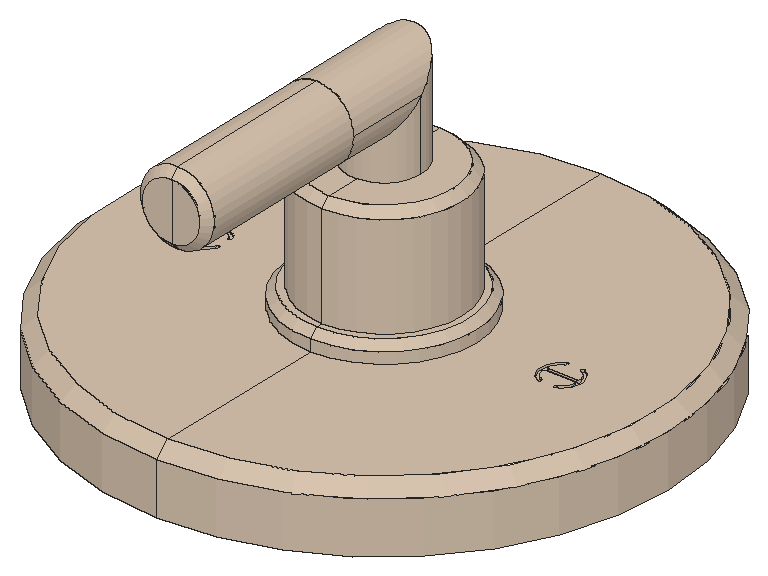
Revit family "Shower-Valve_Trim-KALLISTA-PINNA_PALETTA-P24922_1", category Specialty Equipment, host Face, Revit 2022
Family settings
  Host = Face
  Round Connector Dimension = Use Diameter
  Part Type = Normal
  OmniClass Number = 23.31.25.00
  Cut with Voids When Loaded = No
  Maintain Annotation Orientation = No
  Shared = No
  Room Calculation Point = No
Parameters (values of type "BAF, BAF-Brushed French Gold")
  Width = 6 1/16"  # constant formula
  WaterSense Certified = 1 = 0  # no
  URL = "https://www.kallista.com/"
  Type = 1
  Secondary Finish = Kallista-Metal-BAF-Brushed_French_Gold
  Product Page URL = "https://www.kallista.com/bathroom/showering/shower-trim/pinna-paletta-thermostatic-trim-lever-handle-by-laura-kirar-p24922-baf-baf"
  Product Name = "PINNA PALETTA"  # constant formula
  Product Documentation Link = "https://resources.kohler.com/interiors/kallista/pdf/1266038-4.pdf"
  Model = if(Type = 1, "P24922-BAF-BAF", if(Type = 2, "P24922-BAF-BN", if(Type = 3, "P24922-CPH-CP", if(Type = 4, "P24922-SNW-SN", if(Type = 5, "P24922-ULB-ULB", if(Type = 6, "P24922-BNW-BN", "NA"))))))  # "P24922-BAF-BAF"
  Material = "Solid Brass Construction"  # constant formula
  Master Format 2014 Name = "Toilet, Bath, and Laundry Accessories"  # constant formula
  Master Format 2014 = "10 28 00"  # constant formula
  Manufacturer Address = "444 Highland Dr, Kohler, WI 53044"  # constant formula
  Manufacturer = "Kallista Co."  # constant formula
  Length [instance] = 3 29/128"  # constant formula
  Height = 6 1/16"  # constant formula
  Finish = Kallista-Metal-BAF-Brushed_French_Gold
  Environmental Product Declaration = ""
  Description = "THERMOSTATIC TRIM, LEVER HANDLE"  # constant formula
  Default Elevation = 42"
  Declare Label = ""
  Date Modified = "11/24/2023"  # constant formula
  Date Created = "03/11/2022"  # constant formula
  Copyright = "Copyright Kallista Co."  # constant formula
  Contact Us = "https://www.kallista.com/corporate/contact-us/"
  Assembly Code = "C1030200"
  ADA Compliant = 1 = 1  # yes
Types (7): name | Type | Secondary Finish | Product Page URL | Model | Finish
  (no name) | 1 | Kallista-Metal-BAF-Brushed_French_Gold | "https://www.kallista.com/bathroom/showering/shower-trim/pinna-paletta-thermostatic-trim-lever-handle-by-laura-kirar-p24922-baf-baf" | "P24922-BAF-BAF" | Kallista-Metal-BAF-Brushed_French_Gold
  BAF, BAF-Brushed French Gold | 1 | Kallista-Metal-BAF-Brushed_French_Gold | "https://www.kallista.com/bathroom/showering/shower-trim/pinna-paletta-thermostatic-trim-lever-handle-by-laura-kirar-p24922-baf-baf" | "P24922-BAF-BAF" | Kallista-Metal-BAF-Brushed_French_Gold
  BAF, BN-Brushed Nickel | 2 | Kallista-Metal-BAF-Brushed_French_Gold | "" | "P24922-BAF-BN" | Kallista-Metal-BN-Brushed_Nickel
  CPH, CP-Chrome | 3 | Kallista-Metal-CPH-Polished_Chrome | "https://www.kallista.com/bathroom/showering/shower-trim/pinna-paletta-thermostatic-trim-lever-handle-by-laura-kirar-p24922-cph-cp" | "P24922-CPH-CP" | Kallista-Metal-CP-Chrome
  SNW, SN-Polished Nickel | 4 | Kallista-Metal-SNW-Polished_Nickel | "https://www.kallista.com/bathroom/showering/shower-trim/pinna-paletta-thermostatic-trim-lever-handle-by-laura-kirar-p24922-snw-sn" | "P24922-SNW-SN" | Kallista-Metal-SN-Polished_Nickel
  ULB, ULB-Unlaquered Brass | 5 | Kallista-Metal-ULB-Unlaquered_Brass | "https://www.kallista.com/bathroom/showering/shower-trim/pinna-paletta-thermostatic-trim-lever-handle-by-laura-kirar-p24922-ulb-ulb" | "P24922-ULB-ULB" | Kallista-Metal-ULB-Unlaquered_Brass
  BNW, BN-Brushed Nickel | 6 | Kallista-Metal-BNW-Brushed_Nickel | "" | "P24922-BNW-BN" | Kallista-Metal-BN-Brushed_Nickel
Reference planes (in)
  plane 1 "Center (Front/Back)": y = 0
  plane 2: z = 0
  plane 3 "Center (Left/Right)": x = 0
  plane 4: x = -3.0315
  plane 5: x = 3.031
  plane 6: y = 3.0315
  plane 7: y = -3.031
  plane 8: y = -0.98425
  plane 9: y = 0.98425
  plane 10: x = 0.98425
  plane 11: x = -0.98425
  plane 12: y = -2.83465
  plane 13: z = 3.22656
  plane 14: z = 0.68898
  plane 15: z = 2.83465
  plane 16: z = 2.44094
Dimensions and locks (in)
  "Width": plane 4 to plane 5
  "Height": plane 6 to plane 7
  "Length": plane 13 to level
  aligned and locked: plane 2 to host face
  aligned and locked: level to host face
Automatic sketch dimensions
  host sketch curve to host sketch curve = 96"  (x2)
Nested families (in)
  nested 1: "P24922" at (0, 0, 0), type "P24922"
Definition of nested family "P24922"
  Parameters
    Secondry Material = none
    Material = none
    Default Elevation = 0"
  Reference planes (in)
    plane 1 "Center (Front/Back)": y = 0
    plane 2: z = 0
    plane 3 "Center (Left/Right)": x = 0
    plane 4: y = 3.0315
    plane 5: x = -3.0315
    plane 6: y = -2.83465
    plane 7: z = 0.68898
    plane 8: y = 0.98425
    plane 9: y = -0.98425
    plane 10: x = -0.98425
    plane 11: x = 0.98425
    plane 12: x = 3.0315
    plane 13: y = -3.0315
    plane 14: z = 3.22835
    plane 15: z = 2.44094
    plane 16: z = 2.83465
  Forms (in)
    Revolve 1, solid, material <- "Material", detail levels medium+fine
      sketch origin (0, 0, 0) x (0, 1, 0) y (0, 0, 1)
        loop
          line (0, 2.10094) -> (0, 0) -> (3.0315, 0) -> (3.0315, 0.55243) -> (2.88259, 0.68898) -> (0.98425, 0.68898) -> (0.98425, 0.80748) -> (0.90418, 0.88755) -> (0.82677, 0.88755) -> (0.82677, 1.97775) -> (0.73587, 2.06865) -> (0.33049, 2.06865) -> (0.33049, 2.10094) -> (0, 2.10094)
        axis (0, 0) -> (0, 2.10094)
      angle from 0 to 360
    Sweep 2, solid, material <- "Material", detail levels medium+fine
      path origin (0, 0, 0) x (0, 1, 0) y (0, 0, 1)
        loop
          line (0, 2.08801) -> (0, 2.83465) -> (-0.89567, 2.83465)
      profile origin (0, 0, 2.46133) x (0, -1, 0) y (1, 0, 0)
        loop
          circle (0, 0) r 0.3937
    Revolve 3, solid, material <- "Secondry Material", detail levels medium+fine
      sketch origin (0, 0, 0) x (0, 1, 0) y (0, 0, 1)
        loop
          line (-0.89567, 3.22835) -> (-2.74818, 3.22835) -> (-2.83465, 3.14188) -> (-2.83465, 2.83465) -> (-0.89567, 2.83465) -> (-0.89567, 3.22835)
        axis (-2.83465, 2.83465) -> (-0.89567, 2.83465)
      angle from 0 to 360
    Extrusion 4, void
      sketch origin (0, 0, 0) x (1, 0, 0) y (0, 1, 0)
        loop
          arc (-1.72833, 0.07996) -> (-1.70055, 0.07084) -> (-1.69144, 0.09861) r 0.02067
          arc (-1.69144, 0.09861) -> (-2.10493, 0) -> (-1.69144, -0.09861) r 0.2185
          arc (-1.69144, -0.09861) -> (-1.70055, -0.07084) -> (-1.72833, -0.07996) r 0.02067
          arc (-1.72833, -0.07996) -> (-2.06359, 0) -> (-1.72833, 0.07996) r 0.17717
        loop
          arc (1.96472, 0.1581) -> (2.02248, 0.11146) -> (2.05606, 0.04525) r 0.17717
          arc (2.05606, 0.04525) -> (2.05262, 0.02821) -> (2.03702, 0.02053) r 0.01969
          line (2.03702, 0.02053) -> (1.73241, 0.02053)
          arc (1.73241, 0.02053) -> (1.71688, 0.02817) -> (1.71345, 0.04514) r 0.01961
          arc (1.71345, 0.04514) -> (1.74702, 0.11141) -> (1.80481, 0.1581) r 0.17717
          arc (1.80481, 0.1581) -> (1.81392, 0.18587) -> (1.78615, 0.19499) r 0.02067
          arc (1.78615, 0.19499) -> (1.66626, 0) -> (1.78615, -0.19499) r 0.2185
          arc (1.78615, -0.19499) -> (1.81392, -0.18587) -> (1.80481, -0.1581) r 0.02067
          arc (1.80481, -0.1581) -> (1.74705, -0.11146) -> (1.71348, -0.04525) r 0.17717
          arc (1.71348, -0.04525) -> (1.71691, -0.02821) -> (1.73251, -0.02053) r 0.01969
          line (1.73251, -0.02053) -> (2.03702, -0.02053)
          arc (2.03702, -0.02053) -> (2.05262, -0.02821) -> (2.05606, -0.04525) r 0.01969
          arc (2.05606, -0.04525) -> (2.02248, -0.11146) -> (1.96472, -0.1581) r 0.17717
          arc (1.96472, -0.1581) -> (1.95561, -0.18587) -> (1.98338, -0.19499) r 0.02067
          arc (1.98338, -0.19499) -> (2.10327, 0) -> (1.98338, 0.19499) r 0.2185
          arc (1.98338, 0.19499) -> (1.95561, 0.18587) -> (1.96472, 0.1581) r 0.02067
      from 0.66929 to 0.7874
    Revolve 5, solid, material <- "Material", detail levels coarse
      sketch origin (0, 0, 0) x (0, 1, 0) y (0, 0, 1)
        loop
          line (0, 2.06865) -> (0, 0) -> (3.0315, 0) -> (3.0315, 0.68898) -> (0.98425, 0.68898) -> (0.98425, 2.06865) -> (0, 2.06865)
        axis (0, 2.06865) -> (0, 0)
      angle from 0 to 360
    Sweep 6, solid, material <- "Material", detail levels coarse
      path origin (0, 0, 0) x (0, 1, 0) y (0, 0, 1)
        loop
          line (-0.89567, 2.83465) -> (0, 2.83465) -> (0, 2.06865)
      profile origin (0, 0, 2.45165) x (1, 0, 0) y (0, 1, 0)
        loop
          circle (0, 0) r 0.3937
    Extrusion 7, solid, material <- "Secondry Material", detail levels coarse
      sketch origin (0, 0, 0) x (1, 0, 0) y (0, 0, 1)
        loop
          circle (0, 2.83465) r 0.3937
      from 0.89567 to 2.83465
  Cuts and joins
    joined: Revolve 5, Sweep 6
    Extrusion 4 cuts Revolve 1
    joined: Revolve 1, Sweep 2
  Lines and regions (in)
    Masking region 1
      outline origin (0, 0, 0) x (0, 1, 0) y (0, 0, 1)
        loop
          line (3.0315, 0.55243) -> (2.89495, 0.68898) -> (0.98425, 0.68898) -> (0.98425, 0.80748) -> (0.90418, 0.88755) -> (0.82677, 0.88755) -> (0.82677, 1.97775) -> (0.73587, 2.06865) -> (0.33049, 2.06865) -> (0.29695, 2.08801) -> (0.3937, 2.08801) -> (0.3937, 3.11024)
          arc (0.3937, 3.11024) -> (0.35911, 3.19375) -> (0.27559, 3.22835) r 0.11811
          line (0.27559, 3.22835) -> (-2.74818, 3.22835) -> (-2.83465, 3.14188) -> (-2.83465, 2.52741) -> (-2.74818, 2.44094) -> (-0.51181, 2.44094)
          arc (-0.51181, 2.44094) -> (-0.42829, 2.40635) -> (-0.3937, 2.32283) r 0.11811
          line (-0.3937, 2.32283) -> (-0.3937, 2.08801) -> (-0.29695, 2.08801) -> (-0.33049, 2.06865) -> (-0.73587, 2.06865) -> (-0.82677, 1.97775) -> (-0.82677, 0.88755) -> (-0.90418, 0.88755) -> (-0.98425, 0.80748) -> (-0.98425, 0.68898) -> (-2.89495, 0.68898) -> (-3.0315, 0.55243) -> (-3.0315, 0) -> (3.0315, 0) -> (3.0315, 0.55243)
    Masking region 2
      outline origin (0, 0, 0) x (1, 0, 0) y (0, 1, 0)
        loop
          circle (0, 0) r 3.0315
    Masking region 3
      outline origin (0, 0, 0) x (1, 0, 0) y (0, 0, 1)
        loop
          line (3.0315, 0.55243) -> (2.89495, 0.68898) -> (0.98425, 0.68898) -> (0.98425, 0.80748) -> (0.90418, 0.88755) -> (0.82677, 0.88755) -> (0.82677, 1.97775) -> (0.73587, 2.06865) -> (0.33049, 2.06865) -> (0.29695, 2.08801) -> (0.3937, 2.08801) -> (0.3937, 2.83465)
          arc (0.3937, 2.83465) -> (0, 3.22835) -> (-0.3937, 2.83465) r 0.3937
          line (-0.3937, 2.83465) -> (-0.3937, 2.08801) -> (-0.29695, 2.08801) -> (-0.33049, 2.06865) -> (-0.73587, 2.06865) -> (-0.82677, 1.97775) -> (-0.82677, 0.88755) -> (-0.90418, 0.88755) -> (-0.98425, 0.80748) -> (-0.98425, 0.68898) -> (-2.89495, 0.68898) -> (-3.0315, 0.55243) -> (-3.0315, 0) -> (3.0315, 0) -> (3.0315, 0.55243)
    symbolic lines, detail levels medium+fine
      curve 1: line (0, 3.0315, 0.55243) -> (0, -3.0315, 0.55243)
      curve 2: line (0, 0.98425, 0.68898) -> (0, -0.98425, 0.68898)
      curve 3: line (0, 0.82677, 0.88755) -> (0, -0.82677, 0.88755)
      curve 4: line (0, -0.98425, 0.80748) -> (0, 0.98425, 0.80748)
      curve 5: line (0, 0.82677, 1.97775) -> (0, -0.82677, 1.97775)
      curve 6: line (0, 0.29695, 2.08801) -> (0, -0.29695, 2.08801)
      curve 7: line (0, -0.33049, 2.06865) -> (0, 0.33049, 2.06865)
      curve 8: line (0, -0.89567, 3.22835) -> (0, -0.89567, 2.44094)
      curve 9: line (0, -2.74818, 3.22835) -> (0, -2.74818, 2.44094)
      curve 10: line (0, -0.89567, 2.88026) -> (0, -0.94128, 2.83465)
      curve 11: line (0, -0.89567, 2.959) -> (0, -1.02002, 2.83465)
      curve 12: line (0, -0.89567, 3.03774) -> (0, -1.09876, 2.83465)
      curve 13: line (0, -0.89567, 3.11648) -> (0, -1.1775, 2.83465)
      curve 14: line (0, -0.89567, 3.19522) -> (0, -1.25624, 2.83465)
      curve 15: line (0, -0.94128, 3.22835) -> (0, -1.33498, 2.83465)
      curve 16: line (0, -1.02002, 3.22835) -> (0, -1.41372, 2.83465)
      curve 17: line (0, -1.09876, 3.22835) -> (0, -1.49246, 2.83465)
      curve 18: line (0, -1.1775, 3.22835) -> (0, -1.5712, 2.83465)
      curve 19: line (0, -1.25624, 3.22835) -> (0, -1.64994, 2.83465)
      curve 20: line (0, -1.33498, 3.22835) -> (0, -1.72868, 2.83465)
      curve 21: line (0, -1.41372, 3.22835) -> (0, -1.80742, 2.83465)
      curve 22: line (0, -1.49246, 3.22835) -> (0, -1.88616, 2.83465)
      curve 23: line (0, -1.5712, 3.22835) -> (0, -1.9649, 2.83465)
      curve 24: line (0, -1.64994, 3.22835) -> (0, -2.04365, 2.83465)
      curve 25: line (0, -1.72868, 3.22835) -> (0, -2.12239, 2.83465)
      curve 26: line (0, -1.80742, 3.22835) -> (0, -2.20113, 2.83465)
      curve 27: line (0, -1.88616, 3.22835) -> (0, -2.27987, 2.83465)
      curve 28: line (0, -1.9649, 3.22835) -> (0, -2.35861, 2.83465)
      curve 29: line (0, -2.04365, 3.22835) -> (0, -2.43735, 2.83465)
      curve 30: line (0, -2.12239, 3.22835) -> (0, -2.51609, 2.83465)
      curve 31: line (0, -2.20113, 3.22835) -> (0, -2.59483, 2.83465)
      curve 32: line (0, -2.27987, 3.22835) -> (0, -2.67357, 2.83465)
      curve 33: line (0, -2.35861, 3.22835) -> (0, -2.74818, 2.83877)
      curve 34: line (0, -2.43735, 3.22835) -> (0, -2.74818, 2.91751)
      curve 35: line (0, -2.51609, 3.22835) -> (0, -2.74818, 2.99625)
      curve 36: line (0, -2.59483, 3.22835) -> (0, -2.74818, 3.07499)
      curve 37: line (0, -2.67357, 3.22835) -> (0, -2.74818, 3.15373)
      curve 38: line (0, -0.89567, 2.78903) -> (0, -0.94128, 2.83465)
      curve 39: line (0, -0.89567, 2.71029) -> (0, -1.02002, 2.83465)
      curve 40: line (0, -0.89567, 2.63155) -> (0, -1.09876, 2.83465)
      curve 41: line (0, -0.89567, 2.55281) -> (0, -1.1775, 2.83465)
      curve 42: line (0, -0.89567, 2.47407) -> (0, -1.25624, 2.83465)
      curve 43: line (0, -0.94128, 2.44094) -> (0, -1.33498, 2.83465)
      curve 44: line (0, -1.02002, 2.44094) -> (0, -1.41372, 2.83465)
      curve 45: line (0, -1.09876, 2.44094) -> (0, -1.49246, 2.83465)
      curve 46: line (0, -1.1775, 2.44094) -> (0, -1.5712, 2.83465)
      curve 47: line (0, -1.25624, 2.44094) -> (0, -1.64994, 2.83465)
      curve 48: line (0, -1.33498, 2.44094) -> (0, -1.72868, 2.83465)
      curve 49: line (0, -1.41372, 2.44094) -> (0, -1.80742, 2.83465)
      curve 50: line (0, -1.49246, 2.44094) -> (0, -1.88616, 2.83465)
      curve 51: line (0, -1.5712, 2.44094) -> (0, -1.9649, 2.83465)
      curve 52: line (0, -1.64994, 2.44094) -> (0, -2.04365, 2.83465)
      curve 53: line (0, -1.72868, 2.44094) -> (0, -2.12239, 2.83465)
      curve 54: line (0, -1.80742, 2.44094) -> (0, -2.20113, 2.83465)
      curve 55: line (0, -1.88616, 2.44094) -> (0, -2.27987, 2.83465)
      curve 56: line (0, -1.9649, 2.44094) -> (0, -2.35861, 2.83465)
      curve 57: line (0, -2.04365, 2.44094) -> (0, -2.43735, 2.83465)
      curve 58: line (0, -2.12239, 2.44094) -> (0, -2.51609, 2.83465)
      curve 59: line (0, -2.20113, 2.44094) -> (0, -2.59483, 2.83465)
      curve 60: line (0, -2.27987, 2.44094) -> (0, -2.67357, 2.83465)
      curve 61: line (0, -2.35861, 2.44094) -> (0, -2.74818, 2.83052)
      curve 62: line (0, -2.43735, 2.44094) -> (0, -2.74818, 2.75178)
      curve 63: line (0, -2.51609, 2.44094) -> (0, -2.74818, 2.67304)
      curve 64: line (0, -2.59483, 2.44094) -> (0, -2.74818, 2.5943)
      curve 65: line (0, -2.67357, 2.44094) -> (0, -2.74818, 2.51556)
      curve 66: circle (0, 0, 0) r 2.88259 normal (0, 0, -1)
      curve 67: arc (0.3937, -0.90208, 0) -> (0, 0.98425, 0) -> (-0.3937, -0.90208, 0) r 0.98425
      curve 68: arc (-0.3937, -0.81397, 0) -> (0, 0.90418, 0) -> (0.3937, -0.81397, 0) r 0.90418
      curve 69: arc (0.3937, -0.72702, 0) -> (0, 0.82677, 0) -> (-0.3937, -0.72702, 0) r 0.82677
      curve 70: arc (-0.3937, -0.62169, 0) -> (0, 0.73587, 0) -> (0.3937, -0.62169, 0) r 0.73587
      curve 71: arc (-0.3937, 0, 0) -> (0, 0.3937, 0) -> (0.3937, 0, 0) r 0.3937
      curve 72: line (-0.30724, -2.83465, 0) -> (0.30724, -2.83465, 0)
      curve 73: line (0.3937, -2.74818, 0) -> (-0.3937, -2.74818, 0)
      curve 74: line (-0.3937, -2.74818, 0) -> (-0.30724, -2.83465, 0)
      curve 75: line (0.3937, -2.74818, 0) -> (0.30724, -2.83465, 0)
      curve 76: line (0.3937, -2.74818, 0) -> (0.3937, 0, 0)
      curve 77: line (-0.3937, -2.74818, 0) -> (-0.3937, 0, 0)
      curve 78: line (0.3937, -0.89567, 0) -> (-0.3937, -0.89567, 0)
      curve 79: arc (-1.72833, 0.07996, 0) -> (-2.06359, 0, 0) -> (-1.72833, -0.07996, 0) r 0.17717
      curve 80: arc (-1.72833, -0.07996, 0) -> (-1.70055, -0.07084, 0) -> (-1.69144, -0.09861, 0) r 0.02067
      curve 81: arc (-1.69144, -0.09861, 0) -> (-2.10493, 0, 0) -> (-1.69144, 0.09861, 0) r 0.2185
      curve 82: arc (-1.69144, 0.09861, 0) -> (-1.70055, 0.07084, 0) -> (-1.72833, 0.07996, 0) r 0.02067
      curve 83: line (1.73241, 0.02053, 0) -> (2.03702, 0.02053, 0)
      curve 84: arc (2.03702, 0.02053, 0) -> (2.05262, 0.02821, 0) -> (2.05606, 0.04525, 0) r 0.01969
      curve 85: arc (2.05606, 0.04525, 0) -> (2.02248, 0.11146, 0) -> (1.96472, 0.1581, 0) r 0.17717
      curve 86: arc (1.96472, 0.1581, 0) -> (1.95561, 0.18587, 0) -> (1.98338, 0.19499, 0) r 0.02067
      curve 87: arc (1.98338, 0.19499, 0) -> (2.10327, 0, 0) -> (1.98338, -0.19499, 0) r 0.2185
      curve 88: arc (1.98338, -0.19499, 0) -> (1.95561, -0.18587, 0) -> (1.96472, -0.1581, 0) r 0.02067
      curve 89: arc (1.96472, -0.1581, 0) -> (2.02248, -0.11146, 0) -> (2.05606, -0.04525, 0) r 0.17717
      curve 90: arc (2.05606, -0.04525, 0) -> (2.05262, -0.02821, 0) -> (2.03702, -0.02053, 0) r 0.01969
      curve 91: line (2.03702, -0.02053, 0) -> (1.73251, -0.02053, 0)
      curve 92: arc (1.73251, -0.02053, 0) -> (1.71691, -0.02821, 0) -> (1.71348, -0.04525, 0) r 0.01969
      curve 93: arc (1.71348, -0.04525, 0) -> (1.74705, -0.11146, 0) -> (1.80481, -0.1581, 0) r 0.17717
      curve 94: arc (1.80481, -0.1581, 0) -> (1.81392, -0.18587, 0) -> (1.78615, -0.19499, 0) r 0.02067
      curve 95: arc (1.78615, -0.19499, 0) -> (1.66626, 0, 0) -> (1.78615, 0.19499, 0) r 0.2185
      curve 96: arc (1.78615, 0.19499, 0) -> (1.81392, 0.18587, 0) -> (1.80481, 0.1581, 0) r 0.02067
      curve 97: arc (1.80481, 0.1581, 0) -> (1.74702, 0.11141, 0) -> (1.71345, 0.04514, 0) r 0.17717
      curve 98: arc (1.71345, 0.04514, 0) -> (1.71688, 0.02817, 0) -> (1.73241, 0.02053, 0) r 0.01961
      curve 99: line (-0.0516, -2.74818, 0) -> (0, -2.69658, 0)
      curve 100: line (-0.13034, -2.74818, 0) -> (0, -2.61784, 0)
      curve 101: line (-0.20908, -2.74818, 0) -> (0, -2.5391, 0)
      curve 102: line (-0.28782, -2.74818, 0) -> (0, -2.46036, 0)
      curve 103: line (-0.36656, -2.74818, 0) -> (0, -2.38162, 0)
      curve 104: line (-0.3937, -2.69658, 0) -> (0, -2.30288, 0)
      curve 105: line (-0.3937, -2.61784, 0) -> (0, -2.22414, 0)
      curve 106: line (-0.3937, -2.5391, 0) -> (0, -2.1454, 0)
      curve 107: line (-0.3937, -2.46036, 0) -> (0, -2.06666, 0)
      curve 108: line (-0.3937, -2.38162, 0) -> (0, -1.98792, 0)
      curve 109: line (-0.3937, -2.30288, 0) -> (0, -1.90918, 0)
      curve 110: line (-0.3937, -2.22414, 0) -> (0, -1.83044, 0)
      curve 111: line (-0.3937, -2.1454, 0) -> (0, -1.7517, 0)
      curve 112: line (-0.3937, -2.06666, 0) -> (0, -1.67296, 0)
      curve 113: line (-0.3937, -1.98792, 0) -> (0, -1.59422, 0)
      curve 114: line (-0.3937, -1.90918, 0) -> (0, -1.51548, 0)
      curve 115: line (-0.3937, -1.83044, 0) -> (0, -1.43674, 0)
      curve 116: line (-0.3937, -1.7517, 0) -> (0, -1.358, 0)
      curve 117: line (-0.3937, -1.67296, 0) -> (0, -1.27926, 0)
      curve 118: line (-0.3937, -1.59422, 0) -> (0, -1.20052, 0)
      curve 119: line (-0.3937, -1.51548, 0) -> (0, -1.12178, 0)
      curve 120: line (-0.3937, -1.43674, 0) -> (0, -1.04304, 0)
      curve 121: line (-0.3937, -1.358, 0) -> (0, -0.9643, 0)
      curve 122: line (-0.3937, -1.27926, 0) -> (-0.01011, -0.89567, 0)
      curve 123: line (-0.3937, -1.20052, 0) -> (-0.08885, -0.89567, 0)
      curve 124: line (-0.3937, -1.12178, 0) -> (-0.16759, -0.89567, 0)
      curve 125: line (-0.3937, -1.04304, 0) -> (-0.24633, -0.89567, 0)
      curve 126: line (-0.3937, -0.9643, 0) -> (-0.32507, -0.89567, 0)
      curve 127: line (0.0516, -2.74818, 0) -> (0, -2.69658, 0)
      curve 128: line (0.13034, -2.74818, 0) -> (0, -2.61784, 0)
      curve 129: line (0.20908, -2.74818, 0) -> (0, -2.5391, 0)
      curve 130: line (0.28782, -2.74818, 0) -> (0, -2.46036, 0)
      curve 131: line (0.36656, -2.74818, 0) -> (0, -2.38162, 0)
      curve 132: line (0.3937, -2.69658, 0) -> (0, -2.30288, 0)
      curve 133: line (0.3937, -2.61784, 0) -> (0, -2.22414, 0)
      curve 134: line (0.3937, -2.5391, 0) -> (0, -2.1454, 0)
      curve 135: line (0.3937, -2.46036, 0) -> (0, -2.06666, 0)
      curve 136: line (0.3937, -2.38162, 0) -> (0, -1.98792, 0)
      curve 137: line (0.3937, -2.30288, 0) -> (0, -1.90918, 0)
      curve 138: line (0.3937, -2.22414, 0) -> (0, -1.83044, 0)
      curve 139: line (0.3937, -2.1454, 0) -> (0, -1.7517, 0)
      curve 140: line (0.3937, -2.06666, 0) -> (0, -1.67296, 0)
      curve 141: line (0.3937, -1.98792, 0) -> (0, -1.59422, 0)
      curve 142: line (0.3937, -1.90918, 0) -> (0, -1.51548, 0)
      curve 143: line (0.3937, -1.83044, 0) -> (0, -1.43674, 0)
      curve 144: line (0.3937, -1.7517, 0) -> (0, -1.358, 0)
      curve 145: line (0.3937, -1.67296, 0) -> (0, -1.27926, 0)
      curve 146: line (0.3937, -1.59422, 0) -> (0, -1.20052, 0)
      curve 147: line (0.3937, -1.51548, 0) -> (0, -1.12178, 0)
      curve 148: line (0.3937, -1.43674, 0) -> (0, -1.04304, 0)
      curve 149: line (0.3937, -1.358, 0) -> (0, -0.9643, 0)
      curve 150: line (0.3937, -1.27926, 0) -> (0.01011, -0.89567, 0)
      curve 151: line (0.3937, -1.20052, 0) -> (0.08885, -0.89567, 0)
      curve 152: line (0.3937, -1.12178, 0) -> (0.16759, -0.89567, 0)
      curve 153: line (0.3937, -1.04304, 0) -> (0.24633, -0.89567, 0)
      curve 154: line (0.3937, -0.9643, 0) -> (0.32507, -0.89567, 0)
      curve 155: line (3.0315, 0, 0.55243) -> (-3.0315, 0, 0.55243)
      curve 156: line (0.98425, 0, 0.68898) -> (-0.98425, 0, 0.68898)
      curve 157: line (0.82677, 0, 0.88755) -> (-0.82677, 0, 0.88755)
      curve 158: line (-0.98425, 0, 0.80748) -> (0.98425, 0, 0.80748)
      curve 159: line (0.29695, 0, 2.08801) -> (-0.29695, 0, 2.08801)
      curve 160: line (0.33049, 0, 2.06865) -> (-0.33049, 0, 2.06865)
      curve 161: line (0.82677, 0, 1.97775) -> (-0.82677, 0, 1.97775)
  Dimensions and locks (in)
    locked: plane 1 "Center (Front/Back)" to plane 6 at 2.83465
    locked: plane 7 to level at 0.68898
    locked: plane 10 to plane 11 at 1.9685
    locked: plane 8 to plane 9 at 1.9685
    locked: plane 8 to Revolve 1 sketch curve at 0.15748
    locked: plane 5 to plane 12 at 6.06299
    locked: plane 13 to plane 4 at 6.06299
    locked: plane 14 to level at 3.22835
    locked: plane 15 to plane 14 at 0.7874
    locked: plane 16 to plane 14 at 0.3937
    aligned and locked: plane 2 to level
    aligned and locked: Revolve 1 sketch curve to plane 7
    aligned and locked: Revolve 1 sketch curve to level
    aligned and locked: Revolve 1 sketch curve to plane 4
    aligned and locked: Revolve 1 sketch curve to plane 1 "Center (Front/Back)"
    aligned and locked: plane 1 "Center (Front/Back)" to Revolve 1 sketch curve
    aligned and locked: plane 8 to Revolve 1 sketch curve
    aligned and locked: plane 1 "Center (Front/Back)" to Sweep 2 sketch curve
    aligned and locked: Revolve 3 sketch curve to plane 6
    aligned and locked: Revolve 3 sketch curve to Revolve 3 sketch curve
    aligned and locked: plane 1 "Center (Front/Back)" to Revolve 5 sketch curve
    aligned and locked: plane 4 to Revolve 5 sketch curve
    aligned and locked: plane 7 to Revolve 5 sketch curve
    aligned and locked: plane 8 to Revolve 5 sketch curve
    aligned and locked: Revolve 5 sketch curve to plane 1 "Center (Front/Back)"
    aligned and locked: plane 1 "Center (Front/Back)" to Sweep 6 sketch curve
    aligned and locked: plane 16 to Revolve 3 sketch curve
    aligned and locked: plane 4 to Masking region 1 sketch curve
    aligned and locked: Masking region 1 sketch curve to cut or joined group of Revolve 1, Sweep 2, Extrusion 4  (x3)
    aligned and locked: plane 8 to Masking region 1 sketch curve
    aligned and locked: Masking region 2 sketch curve to cut or joined group of Revolve 1, Sweep 2, Extrusion 4
